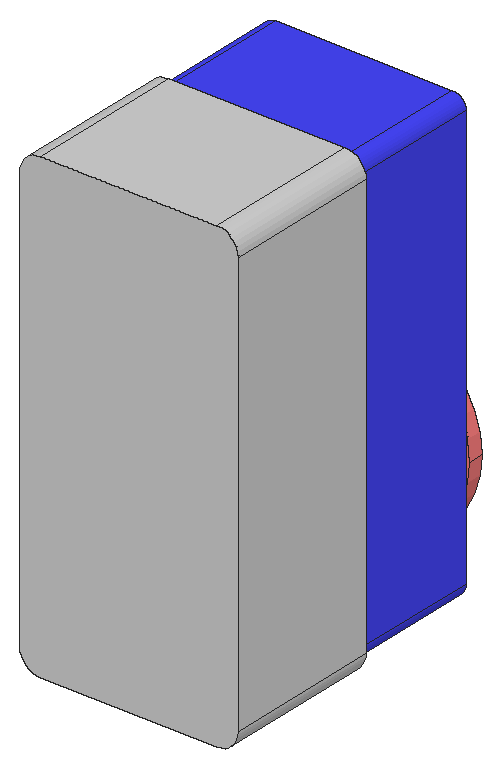
Revit family "Building-IEC309Connections-GEWISS-67IB-INTERLOCKED-SOCKET-OUTLETS_IP67_WITH_BOTTOM_MOD", category Apparecchi elettrici, host Muro, Revit 2016 (continued)
Definition of nested family "2D - IB PRESE INTERBLOC VERT + MAGNTERM IP67"
  Lines and regions (mm)
    model lines, in view "Livello rif."
      curve 255: line (-0.964, 153.408, 0) -> (-0.955, 155.092, 0)
      curve 256: line (-0.955, 155.092, 0) -> (-0.172, 155.087, 0)
      curve 257: line (-0.172, 155.087, 0) -> (-0.178, 154.045, 0)
      curve 258: line (-0.178, 154.045, 0) -> (2.077, 153.581, 0)
      curve 259: line (2.077, 153.581, 0) -> (2.072, 152.758, 0)
      curve 260: line (2.072, 152.758, 0) -> (0.033, 152.294, 0)
      curve 261: line (0.033, 152.294, 0) -> (2.067, 151.875, 0)
      curve 262: line (2.067, 151.875, 0) -> (2.063, 151.046, 0)
      curve 263: line (2.063, 151.046, 0) -> (-0.197, 150.531, 0)
      curve 264: line (-0.197, 150.531, 0) -> (-0.202, 149.641, 0)
      curve 265: line (1.269, 148.911, 0) -> (0.923, 148.913, 0)
      curve 266: line (0.923, 148.913, 0) -> (0.931, 150.342, 0)
      curve 267: line (0.931, 150.342, 0) -> (0.148, 150.346, 0)
      curve 268: line (0.148, 150.346, 0) -> (0.141, 148.917, 0)
      curve 269: line (0.141, 148.917, 0) -> (-0.205, 148.919, 0)
      curve 270: line (-0.205, 148.919, 0) -> (-0.203, 149.295, 0)
      curve 271: line (-0.203, 149.295, 0) -> (-0.986, 149.299, 0)
      curve 272: line (-0.986, 149.299, 0) -> (-0.992, 148.065, 0)
      curve 273: line (-0.992, 148.065, 0) -> (2.047, 148.049, 0)
      curve 274: line (2.047, 148.049, 0) -> (2.059, 150.336, 0)
      curve 275: line (2.059, 150.336, 0) -> (1.277, 150.34, 0)
      curve 276: line (1.277, 150.34, 0) -> (1.269, 148.911, 0)
      curve 277: line (-0.998, 146.945, 0) -> (-0.994, 147.719, 0)
      curve 278: line (-0.994, 147.719, 0) -> (-0.212, 147.715, 0)
      curve 279: line (-0.212, 147.715, 0) -> (-0.218, 146.511, 0)
      curve 280: line (-0.218, 146.511, 0) -> (1.256, 146.503, 0)
      curve 281: line (1.256, 146.503, 0) -> (1.258, 146.849, 0)
      curve 282: line (1.258, 146.849, 0) -> (0.13, 146.855, 0)
      curve 283: line (0.13, 146.855, 0) -> (0.134, 147.713, 0)
      curve 284: line (0.134, 147.713, 0) -> (2.045, 147.703, 0)
      curve 285: line (2.045, 147.703, 0) -> (2.041, 146.934, 0)
      curve 286: line (2.08, 154.293, 0) -> (2.085, 155.075, 0)
      curve 287: line (2.085, 155.075, 0) -> (0.174, 155.086, 0)
      curve 288: line (0.174, 155.086, 0) -> (0.17, 154.303, 0)
      curve 289: line (0.17, 154.303, 0) -> (2.08, 154.293, 0)
Types (18, lengths in mm): name | Tipo Simbolo | Technical sheet | Reference h | Rated voltage: | Rated voltage | Rated current (In) | Rated current (A) | Presa | Potenza | Numero poli | Number of poles | No. of poles | Modello | Immagine tipo | IDT | EAN code | Descrizione | Colour: | Colour
  GW66051N - 2P+E16A110V V.INT.SOCK.O.WB.4H MT60 IP67 | PRESAINDSTAGNA : 2P | "https://www.gewiss.com/ww/en/search?q=GW66051N" | "4" | "100 - 130 V" | "100 - 130 V" | "16" | "16" | GEWISS - GIALLO | 110 V | 2 | "2P+E" | "2P+E" | "GW66051N" | GW66051N.jpg | "87d04e1b-f7e5-4094-b5c2-9ca53027c50a" | "8011564740815" | "2P+E16A110V V.INT.SOCK.O.WB.4H MT60 IP67" | "Yellow" | "Yellow"
  GW66052N - 3P+E16A110V V.INT.SOCK.O.WB.4H MT60 IP67 | PRESAINDSTAGNA : 3P | "https://www.gewiss.com/ww/en/search?q=GW66052N" | "4" | "100 - 130 V" | "100 - 130 V" | "16" | "16" | GEWISS - GIALLO | 110 V | 3 | "3P+E" | "3P+E" | "GW66052N" | GW66051N.jpg | "bf19c064-ab50-4bd1-92be-40de100c7f9f" | "8011564740822" | "3P+E16A110V V.INT.SOCK.O.WB.4H MT60 IP67" | "Yellow" | "Yellow"
  GW66053N - 3P+N+E16A110V V.IN.SOC.O.WB.4H MT60 IP67 | PRESAINDSTAGNA : 3P | "https://www.gewiss.com/ww/en/search?q=GW66053N" | "4" | "100 - 130 V" | "100 - 130 V" | "16" | "16" | GEWISS - GIALLO | 110 V | 3 | "3P+N+E" | "3P+N+E" | "GW66053N" | GW66051N.jpg | "536f4278-9b65-4c90-9f9e-90d02d8aab6c" | "8011564740839" | "3P+N+E16A110V V.IN.SOC.O.WB.4H MT60 IP67" | "Yellow" | "Yellow"
  GW66054N - 2P+E16A230V V.INT.SOCK.O.WB.6H MT60 IP67 | PRESAINDSTAGNA : 2P | "https://www.gewiss.com/ww/en/search?q=GW66054N" | "6" | "200 - 250 V" | "200 - 250 V" | "16" | "16" | GEWISS -BLU | 230 V | 2 | "2P+E" | "2P+E" | "GW66054N" | GW66054N.jpg | "61d25caf-b2fd-4eff-8411-d4468cdd72de" | "8011564742482" | "2P+E16A230V V.INT.SOCK.O.WB.6H MT60 IP67" | "Blue" | "Blue"
  GW66055N - 3P+E16A230V V.INT.SOCK.O.WB.9H MT60 IP67 | PRESAINDSTAGNA : 3P | "https://www.gewiss.com/ww/en/search?q=GW66055N" | "9" | "200 - 250 V" | "200 - 250 V" | "16" | "16" | GEWISS -BLU | 230 V | 3 | "3P+E" | "3P+E" | "GW66055N" | GW66054N.jpg | "c68ce994-0fb5-4657-9d0d-49d482dddc51" | "8011564740846" | "3P+E16A230V V.INT.SOCK.O.WB.9H MT60 IP67" | "Blue" | "Blue"
  GW66056N - 3P+N+E16A230V V.IN.SOC.O.WB.9H MT60 IP67 | PRESAINDSTAGNA : 3P | "https://www.gewiss.com/ww/en/search?q=GW66056N" | "9" | "200 - 250 V" | "200 - 250 V" | "16" | "16" | GEWISS -BLU | 230 V | 3 | "3P+N+E" | "3P+N+E" | "GW66056N" | GW66054N.jpg | "7bc7542e-575d-46ef-9475-ef8baeef1be1" | "8011564740853" | "3P+N+E16A230V V.IN.SOC.O.WB.9H MT60 IP67" | "Blue" | "Blue"
  GW66057N - 2P+E16A400V V.INT.SOCK.O.WB.9H MT60 IP67 | PRESAINDSTAGNA : 2P | "https://www.gewiss.com/ww/en/search?q=GW66057N" | "9" | "380 - 415 V" | "380 - 415 V" | "16" | "16" | GW - ROSSO | 400 V | 2 | "2P+E" | "2P+E" | "GW66057N" | GW66057N.jpg | "4ac2bd40-f314-455a-bf3b-f56d24c365cb" | "8011564740860" | "2P+E16A400V V.INT.SOCK.O.WB.9H MT60 IP67" | "Red" | "Red"
  GW66058N - 3P+E16A400V V.INT.SOCK.O.WB.6H MT60 IP67 | PRESAINDSTAGNA : 3P | "https://www.gewiss.com/ww/en/search?q=GW66058N" | "6" | "380 - 415 V" | "380 - 415 V" | "16" | "16" | GW - ROSSO | 400 V | 3 | "3P+E" | "3P+E" | "GW66058N" | GW66057N.jpg | "a460cbdb-6b9f-4513-baec-a41637247581" | "8011564740877" | "3P+E16A400V V.INT.SOCK.O.WB.6H MT60 IP67" | "Red" | "Red"
  GW66059N - 3P+N+E16A400V V.IN.SOC.O.WB.6H MT60 IP67 | PRESAINDSTAGNA : 3P | "https://www.gewiss.com/ww/en/search?q=GW66059N" | "6" | "380 - 415 V" | "380 - 415 V" | "16" | "16" | GW - ROSSO | 400 V | 3 | "3P+N+E" | "3P+N+E" | "GW66059N" | GW66057N.jpg | "cb130341-b395-4e1b-bc5d-08cb7028fcae" | "8011564742499" | "3P+N+E16A400V V.IN.SOC.O.WB.6H MT60 IP67" | "Red" | "Red"
  GW66062N - 2P+E32A110V V.INT.SOCK.O.WB.4H MT60 IP67 | PRESAINDSTAGNA : 2P | "https://www.gewiss.com/ww/en/search?q=GW66062N" | "4" | "100 - 130 V" | "100 - 130 V" | "32" | "32" | GEWISS - GIALLO | 110 V | 2 | "2P+E" | "2P+E" | "GW66062N" | GW66051N.jpg | "cf3ec19e-f987-42a9-a4ff-6911af50df66" | "8011564740884" | "2P+E32A110V V.INT.SOCK.O.WB.4H MT60 IP67" | "Yellow" | "Yellow"
  GW66063N - 3P+E32A110V V.INT.SOCK.O.WB.4H MT60 IP67 | PRESAINDSTAGNA : 3P | "https://www.gewiss.com/ww/en/search?q=GW66063N" | "4" | "100 - 130 V" | "100 - 130 V" | "32" | "32" | GEWISS - GIALLO | 110 V | 3 | "3P+E" | "3P+E" | "GW66063N" | GW66051N.jpg | "3bfe9993-c6dc-46c3-9181-fecf8d7cce34" | "8011564740891" | "3P+E32A110V V.INT.SOCK.O.WB.4H MT60 IP67" | "Yellow" | "Yellow"
  GW66064N - 3P+N+E32A110V V.IN.SOC.O.WB.4H MT60 IP67 | PRESAINDSTAGNA : 3P | "https://www.gewiss.com/ww/en/search?q=GW66064N" | "4" | "100 - 130 V" | "100 - 130 V" | "32" | "32" | GEWISS - GIALLO | 110 V | 3 | "3P+N+E" | "3P+N+E" | "GW66064N" | GW66051N.jpg | "7f1fffce-0cf5-4543-a79d-c2f5dc44988c" | "8011564740907" | "3P+N+E32A110V V.IN.SOC.O.WB.4H MT60 IP67" | "Yellow" | "Yellow"
  GW66065N - 2P+E32A230V V.INT.SOCK.O.WB.6H MT60 IP67 | PRESAINDSTAGNA : 2P | "https://www.gewiss.com/ww/en/search?q=GW66065N" | "6" | "200 - 250 V" | "200 - 250 V" | "32" | "32" | GEWISS -BLU | 230 V | 2 | "2P+E" | "2P+E" | "GW66065N" | GW66054N.jpg | "5840542a-e267-45ad-84cd-7d253291c11d" | "8011564742505" | "2P+E32A230V V.INT.SOCK.O.WB.6H MT60 IP67" | "Blue" | "Blue"
  GW66066N - 3P+E32A230V V.INT.SOCK.O.WB.9H MT60 IP67 | PRESAINDSTAGNA : 3P | "https://www.gewiss.com/ww/en/search?q=GW66066N" | "9" | "200 - 250 V" | "200 - 250 V" | "32" | "32" | GEWISS -BLU | 230 V | 3 | "3P+E" | "3P+E" | "GW66066N" | GW66054N.jpg | "6ac160d7-7fbe-4907-bf0f-8589472c9dc7" | "8011564740914" | "3P+E32A230V V.INT.SOCK.O.WB.9H MT60 IP67" | "Blue" | "Blue"
  GW66067N - 3P+N+E32A230V V.IN.SOC.O.WB.9H MT60 IP67 | PRESAINDSTAGNA : 3P | "https://www.gewiss.com/ww/en/search?q=GW66067N" | "9" | "200 - 250 V" | "200 - 250 V" | "32" | "32" | GEWISS -BLU | 230 V | 3 | "3P+N+E" | "3P+N+E" | "GW66067N" | GW66054N.jpg | "55b2b8a1-7fd5-4e69-b5ad-ac24cd4e6bce" | "8011564740921" | "3P+N+E32A230V V.IN.SOC.O.WB.9H MT60 IP67" | "Blue" | "Blue"
  GW66068N - 2P+E32A400V V.INT.SOCK.O.WB.9H MT60 IP67 | PRESAINDSTAGNA : 2P | "https://www.gewiss.com/ww/en/search?q=GW66068N" | "9" | "380 - 415 V" | "380 - 415 V" | "32" | "32" | GW - ROSSO | 400 V | 2 | "2P+E" | "2P+E" | "GW66068N" | GW66057N.jpg | "ee4ed8af-f281-47e4-b117-2944c3166d29" | "8011564740938" | "2P+E32A400V V.INT.SOCK.O.WB.9H MT60 IP67" | "Red" | "Red"
  GW66069N - 3P+E32A400V V.INT.SOCK.O.WB.6H MT60 IP67 | PRESAINDSTAGNA : 3P | "https://www.gewiss.com/ww/en/search?q=GW66069N" | "6" | "380 - 415 V" | "380 - 415 V" | "32" | "32" | GW - ROSSO | 400 V | 3 | "3P+E" | "3P+E" | "GW66069N" | GW66057N.jpg | "3b7df102-cc04-4b1a-b8b2-b1c9a0a4c065" | "8011564740945" | "3P+E32A400V V.INT.SOCK.O.WB.6H MT60 IP67" | "Red" | "Red"
  GW66070N - 3P+N+E32A400V V.IN.SOC.O.WB.6H MT60 IP67 | PRESAINDSTAGNA : 3P | "https://www.gewiss.com/ww/en/search?q=GW66070N" | "6" | "380 - 415 V" | "380 - 415 V" | "32" | "32" | GW - ROSSO | 400 V | 3 | "3P+N+E" | "3P+N+E" | "GW66070N" | GW66057N.jpg | "eae14658-a5a4-4161-b788-45d16122de7f" | "8011564740952" | "3P+N+E32A400V V.IN.SOC.O.WB.6H MT60 IP67" | "Red" | "Red"
